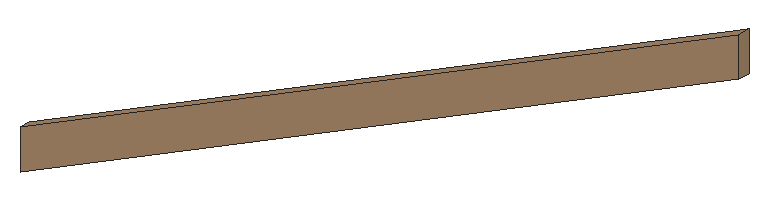
Revit family "EFRidgeBeam", category Structural Framing, Revit 2020
Family settings
  Section Shape = Not Defined
  Material for Model Behavior = Other
  Always export as geometry = No
  OmniClass Number = 23.25.30.21.14
  OmniClass Title = Trussed Beams and Joists
  Work Plane-Based = No
  Always vertical = Yes
  Cut with Voids When Loaded = No
  Symbolic Representation = From Family
  Shared = No
  Show family pre-cut in plan views = Yes
Parameters
  b = 50 mm
  Structural Material [instance] = Cherry
  Span [instance] = 3000 mm
  Slope [instance] = 25.00°
  d = 150 mm
Reference planes
  plane 1 "Center (Front/Back)": y = 0
  plane 2: z = 0
  plane 3 "Center (Left/Right)": x = 0
  plane 4: x = 1500
  plane 5: x = -1500
Forms (mm)
  Extrusion 1, solid, material "Cherry"
    sketch origin (0, 0, 0) x (1, 0, 0) y (0, 0, 1)
      loop
        line (-1500, -699.461) -> (-1500, -864.968) -> (1500, 533.955) -> (1500, 699.461) -> (-1500, -699.461)
    from -25 to 25
Lines and regions (mm)
  reference lines
    curve 1: line (0, 0, 0) -> (888.182, 0, 414.166)
    curve 2: line (155.563, 0, -92.966) -> (1043.745, 0, 321.2)
    curve 3: line (0, 25, 1265.697) -> (0, 25, -1134.303)
    curve 4: line (0, -25, 1265.697) -> (0, -25, -1134.303)
Dimensions and locks
  equal spacing: plane 5, plane 3 "Center (Left/Right)", plane 4
  "Span": plane 5 to plane 4
  "d": curve 1 to curve 2
  equal spacing: curve 3, plane 1 "Center (Front/Back)", curve 4
  "b": curve 3 to curve 4
  "Slope": angle curve 1 to level
  aligned and locked: plane 2 to level
  aligned and locked: Extrusion 1 sketch curve to curve 1
  aligned and locked: Extrusion 1 sketch curve to curve 2
  aligned and locked: plane 4 to Extrusion 1 sketch curve
  aligned and locked: plane 5 to Extrusion 1 sketch curve
  aligned and locked: curve 3 to Extrusion 1
  aligned and locked: Extrusion 1 to curve 4
Automatic sketch dimensions
  plane 3 "Center (Left/Right)" to curve 2 = 155.563 mm
  curve 1 to curve 2 = 155.563 mm
  curve 1 to plane 3 "Center (Left/Right)" = 0 mm
  curve 1 to level = 0 mm
  curve 3 to level = 1134.303 mm
  curve 4 to curve 3 = 0 mm  (x2)
  level to curve 4 = 1265.697 mm
